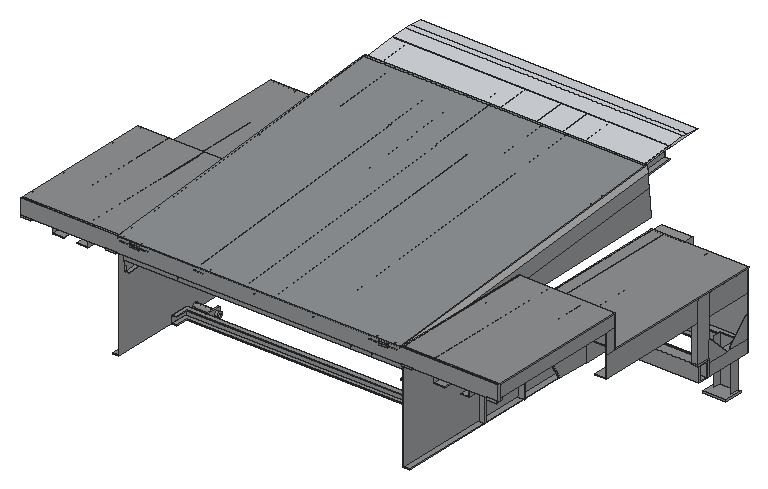
Revit family "ASSA_ABLOY_DockLeveler_DL6120STA", category Mechanical Equipment, Revit 2019 (continued)
Definition of nested family "DL6120STA_LevelerTop"
  Dimensions and locks
    locked: plane 23 to plane 25 at 245
    locked: plane 24 to plane 26 at 88.5
    locked: Extrusion 19 to plane 25 at 88.5
    locked: plane 27 to plane 22 at 88.5
    "UPNLengthLocation": Extrusion 20 sketch curve to Extrusion 5
    "UPNHeightLocation": curve 1 to Extrusion 20 sketch curve
    Extrusion 20 sketch curve to Extrusion 20 sketch curve = 120 mm
    Extrusion 20 sketch curve to Extrusion 20 sketch curve = 55 mm  (x2)
    Extrusion 20 sketch curve to Extrusion 20 sketch curve = 10 mm  (x3)
    plane 5 "L" to plane 29 "UPNL" = 21.5 mm
    plane 28 "UPNR" to plane 4 "R" = 21.5 mm
    "UPNLengthLocation": Sweep 21 sketch curve to Sweep 21 sketch curve
    locked: plane 30 "R1" to plane 3 "Center (Left/Right)" at 110
    "Rtwo": plane 31 "R2" to plane 3 "Center (Left/Right)"
    "RThree": plane 32 "R3" to plane 3 "Center (Left/Right)"
    locked: plane 28 "UPNR" to plane 33 "Rext" at 240
    locked: plane 34 "R6" to plane 3 "Center (Left/Right)" at 110
    "Rtwo": plane 35 "R7" to plane 3 "Center (Left/Right)"
    "RThree": plane 36 "R8" to plane 3 "Center (Left/Right)"
    locked: plane 29 "UPNL" to plane 37 "R9" at 240
    "UPNLengthLocation": Sweep 22 sketch curve to Sweep 22 sketch curve
    "RFour": plane 38 to plane 3 "Center (Left/Right)"
    "RFour": plane 39 to plane 3 "Center (Left/Right)"
    "LiftCylinderSupportLocation": Extrusion 5 to Extrusion 23 sketch curve
    "LiftCylinderSupportHeght": curve 1 to Extrusion 23 sketch curve
    plane 40 to plane 9 = 230 mm
    plane 11 to plane 41 = 230 mm
    "LiftCylinderSupportHeght": curve 1 to Extrusion 24 sketch curve
    "LiftCylinderSupportLocation": Extrusion 5 to Extrusion 24 sketch curve
    Sweep 25 sketch curve to Sweep 25 sketch curve = 200 mm  (x4)
    locked: plane 42 to plane 3 "Center (Left/Right)" at 130
    locked: plane 44 to plane 3 "Center (Left/Right)" at 130
    locked: plane 5 "L" to plane 45 at 212.5
    locked: plane 4 "R" to plane 43 at 212.5
    locked: Sweep 25 sketch curve to Sweep 25 sketch curve at 2.985  (x4)
    "StrengthenerLocation": Extrusion 5 to Sweep 25 sketch curve
    "StrengthenerLength": Sweep 25 sketch curve to Sweep 25 sketch curve
    "StrengthenerHeight": Sweep 25 sketch curve to curve 1
    Sweep 21 sketch curve to Sweep 21 sketch curve = 60 mm  (x8)
    "ReinforcementThickness": Sweep 21 sketch curve to Sweep 21 sketch curve  (x14)
    Sweep 21 sketch curve to Sweep 21 sketch curve = 2.61 mm
    Sweep 21 sketch curve to Sweep 21 sketch curve = 3 mm
    Sweep 22 sketch curve to Sweep 22 sketch curve = 60 mm  (x2)
    "ReinforcementThickness": Sweep 22 sketch curve to Sweep 22 sketch curve  (x4)
    locked: plane 4 "R" to plane 46 at 1
    locked: plane 47 to plane 5 "L" at 1
    locked: plane 48 to plane 5 "L" at 2
    locked: plane 4 "R" to plane 49 at 2
    locked: Extrusion 28 sketch curve to Extrusion 28 sketch curve at 129.568
    locked: Extrusion 28 sketch curve to Extrusion 28 sketch curve at 129
    Extrusion 28 sketch curve to Extrusion 28 sketch curve = 4 mm
    "Belvelment": Extrusion 28 sketch curve to Extrusion 28 sketch curve
    locked: Extrusion 28 sketch curve to Extrusion 28 sketch curve at 268
    locked: Extrusion 28 sketch curve to Extrusion 28 sketch curve at 13  (x2)
    locked: plane 50 "TearPlateLip500R" to plane 4 "R" at 17.5
    locked: plane 5 "L" to plane 51 "TearPlateLip500L" at 17.5
    "TearPlateThickness": curve 1 to Extrusion 29 sketch curve
    Extrusion 29 sketch curve to Extrusion 29 sketch curve = 250 mm
    Extrusion 29 sketch curve to Extrusion 29 sketch curve = 8 mm
    locked: Extrusion 30 sketch curve to Extrusion 30 sketch curve at 100  (x2)
    locked: Extrusion 30 sketch curve to Extrusion 30 sketch curve at 10  (x2)
    locked: plane 52 to plane 4 "R" at 77.5
    locked: plane 5 "L" to plane 53 at 77.5
    "LipSupportLength": Sweep 31 sketch curve to Sweep 31 sketch curve
    locked: Sweep 31 sketch curve to Extrusion 29 at 100
    Sweep 31 sketch curve to Sweep 31 sketch curve = 100 mm  (x4)
    equal spacing: Sweep 31 sketch curve, Sweep 31 sketch curve, Sweep 31 sketch curve, Sweep 31 sketch curve  (x6)
    Sweep 31 sketch curve to Sweep 31 sketch curve = 10 mm  (x4)
    Sweep 31 sketch curve to Sweep 31 sketch curve = 80 mm  (x2)
    Sweep 31 sketch curve to Sweep 31 sketch curve to Sweep 31 sketch curve to Sweep 31 sketch curve = 10 mm, 80 mm, 10 mm
    plane 50 "TearPlateLip500R" to plane 51 "TearPlateLip500L" = 1965 mm
    Sweep 31 sketch curve to plane 51 "TearPlateLip500L" = 10 mm  (x2)
    Sweep 31 sketch curve to plane 50 "TearPlateLip500R" = 10 mm  (x2)
    locked: Sweep 32 sketch curve to Sweep 32 sketch curve at 500
    locked: plane 54 to plane 3 "Center (Left/Right)" at 100
    locked: plane 3 "Center (Left/Right)" to plane 55 at 100
    "R2Lip": plane 56 "R2LIPR" to plane 3 "Center (Left/Right)"
    "R2Lip": plane 3 "Center (Left/Right)" to plane 57 "R2LIPL"
    "R3Lip": plane 58 "R3LIPR" to plane 3 "Center (Left/Right)"
    "R3Lip": plane 3 "Center (Left/Right)" to plane 59 "R3LIPL"
    "R4Lip": plane 60 "R4LIPR" to plane 3 "Center (Left/Right)"
    "R4Lip": plane 3 "Center (Left/Right)" to plane 61 "R4LIPL"
    Sweep 31 sketch curve to Sweep 31 sketch curve = 5 mm  (x8)
    equal spacing: Sweep 31 sketch curve, Sweep 31 sketch curve, Sweep 31 sketch curve  (x3)
    Sweep 31 sketch curve to Sweep 31 sketch curve to Sweep 31 sketch curve = 5 mm, 45 mm
    Sweep 31 sketch curve to Sweep 31 sketch curve to Sweep 31 sketch curve = 45 mm, 5 mm
    Sweep 31 sketch curve to Sweep 31 sketch curve to Sweep 31 sketch curve to Sweep 31 sketch curve = 5 mm, 90 mm, 5 mm  (x3)
    Sweep 31 sketch curve to Sweep 31 sketch curve = 90 mm
    Sweep 31 sketch curve to plane 56 "R2LIPR" to Sweep 31 sketch curve = 27.5 mm, 27.5 mm  (x2)
    Sweep 31 sketch curve to Sweep 31 sketch curve to Sweep 31 sketch curve = 5 mm, 90 mm  (x4)
    Sweep 31 sketch curve to Sweep 31 sketch curve to Sweep 31 sketch curve = 90 mm, 5 mm
    Sweep 31 sketch curve to plane 58 "R3LIPR" to Sweep 31 sketch curve = 27.5 mm, 27.5 mm  (x2)
    Sweep 31 sketch curve to plane 60 "R4LIPR" to Sweep 31 sketch curve = 27.5 mm, 27.5 mm  (x2)
    Sweep 31 sketch curve to plane 57 "R2LIPL" to Sweep 31 sketch curve = 27.5 mm, 27.5 mm  (x2)
    Sweep 31 sketch curve to plane 56 "R2LIPR" to Sweep 31 sketch curve = 2.5 mm, 2.5 mm
    Sweep 31 sketch curve to plane 58 "R3LIPR" to Sweep 31 sketch curve = 2.5 mm, 2.5 mm
    Sweep 31 sketch curve to plane 60 "R4LIPR" to Sweep 31 sketch curve = 2.5 mm, 2.5 mm
    Sweep 31 sketch curve to plane 57 "R2LIPL" to Sweep 31 sketch curve = 2.5 mm, 2.5 mm
    Sweep 31 sketch curve to plane 59 "R3LIPL" to Sweep 31 sketch curve = 2.5 mm, 2.5 mm
    Sweep 31 sketch curve to plane 61 "R4LIPL" to Sweep 31 sketch curve = 2.5 mm, 2.5 mm
    "LipRestPosition": Extrusion 28 sketch curve to Extrusion 5
    "LipRestPosition": Extrusion 30 sketch curve to Extrusion 5
    "StrengthenerLip500Position": Extrusion 5 to Sweep 31 sketch curve
    "IStrengthenerlip500Location": Extrusion 5 to Sweep 32 sketch curve
    locked: plane 62 to plane 1 "Center (Front/Back)" at 12
    "TaperedCutter": SweptBlend 33 sketch curve to SweptBlend 33 sketch curve
    locked: SweptBlend 33 sketch curve to plane 50 "TearPlateLip500R" at 10
    locked: plane 67 to plane 4 "R" at 127.5
    locked: plane 67 to plane 68 at 65
    locked: plane 5 "L" to plane 69 at 62.5
    locked: plane 69 to plane 70 at 65
    plane 23 to plane 77 = 88.5 mm
    locked: Sweep 31 sketch curve to plane 22 at 23.5  (x2)
    locked: plane 23 to Sweep 31 sketch curve at 23.5  (x2)
    SweptBlend 34 sketch curve to SweptBlend 34 sketch curve = 230 mm
    "LipTapperedCutter": SweptBlend 34 sketch curve to Extrusion 5
    "LipTapperedCutter": SweptBlend 33 sketch curve to Extrusion 5
    SweptBlend 33 sketch curve to SweptBlend 33 sketch curve = 230 mm
    locked: plane 51 "TearPlateLip500L" to plane 78 at 10
    "TaperedCutter": SweptBlend 34 sketch curve to SweptBlend 34 sketch curve
    locked: plane 70 to plane 79 at 10
    Sweep 32 sketch curve to Sweep 32 sketch curve = 8 mm  (x2)
    plane 67 to plane 80 = 10 mm
    "ToeGuardLength": Extrusion 35 sketch curve to Extrusion 35 sketch curve
    locked: Extrusion 35 sketch curve to Extrusion 35 sketch curve at 100
    "ToeGuardHeight": Extrusion 35 sketch curve to Extrusion 35 sketch curve
    "StrengthenerHeight": curve 1 to Extrusion 35 sketch curve
    plane 81 to plane 5 "L" = 6 mm
    "ToeGuardLength": Extrusion 36 sketch curve to Extrusion 36 sketch curve
    locked: Extrusion 36 sketch curve to Extrusion 36 sketch curve at 100
    "ToeGuardHeight": Extrusion 36 sketch curve to Extrusion 36 sketch curve
    "StrengthenerHeight": curve 1 to Extrusion 36 sketch curve
    plane 4 "R" to plane 82 = 6 mm
    "ToeGuardLength": Extrusion 37 sketch curve to Extrusion 37 sketch curve
    locked: Extrusion 37 sketch curve to Extrusion 37 sketch curve at 100
    "ToeGuardHeight": Extrusion 37 sketch curve to Extrusion 37 sketch curve
    locked: plane 1 "Center (Front/Back)" to Extrusion 37 sketch curve at 26
    locked: plane 2 "Ground" to Extrusion 37 sketch curve at 170
    "ToeGuardLength": Extrusion 38 sketch curve to Extrusion 38 sketch curve
    locked: Extrusion 38 sketch curve to Extrusion 38 sketch curve at 100
    "ToeGuardHeight": Extrusion 38 sketch curve to Extrusion 38 sketch curve
    locked: plane 1 "Center (Front/Back)" to Extrusion 38 sketch curve at 26
    locked: plane 2 "Ground" to Extrusion 38 sketch curve at 170
    "LipSeelLocation": Extrusion 29 sketch curve to Extrusion 5
    "TearPlateThicknessWanted": curve 1 to Sweep 39 sketch curve
    Sweep 39 sketch curve to Sweep 39 sketch curve = 8 mm
    Sweep 39 sketch curve to curve 2 = 26 mm
    "Plate1000Location": Extrusion 5 to Sweep 39 sketch curve
    locked: plane 3 "Center (Left/Right)" to plane 84 at 111.5
    locked: plane 83 to plane 3 "Center (Left/Right)" at 111.5
    "STwo": plane 3 "Center (Left/Right)" to plane 85
    "STwo": plane 86 to plane 3 "Center (Left/Right)"
    "SThree": plane 3 "Center (Left/Right)" to plane 87
    "SThree": plane 88 to plane 3 "Center (Left/Right)"
    locked: plane 89 to plane 50 "TearPlateLip500R" at 221
    plane 51 "TearPlateLip500L" to plane 90 = 221 mm
    plane 91 to plane 5 "L" = 6 mm
    "LipLL1000CutterHeight": Sweep 40 sketch curve to Sweep 40 sketch curve
    "SFour": plane 93 to plane 3 "Center (Left/Right)"
    "SFour": plane 3 "Center (Left/Right)" to plane 92
    Sweep 40 sketch curve to plane 93 to Sweep 40 sketch curve = 6.5 mm, 6.5 mm
    Sweep 40 sketch curve to plane 92 to Sweep 40 sketch curve = 6.5 mm, 6.5 mm
    "LipHeightLocation": Extrusion 6 to Extrusion 28 sketch curve
    cut or joined group of Extrusion 28, SweptBlend 33, SweptBlend 34, Sweep 40 to Extrusion 27 = 0 mm
    "DockHeight": plane 8 "top" to plane 94
    angle curve 2 to curve 1 = 90.00°
    "PlatformAngle": angle curve 1 to plane 2 "Ground"
    angle Extrusion 28 sketch curve to Extrusion 28 sketch curve = 175.00°  (x2)
    locked: Extrusion 35 sketch curve to Extrusion 35 sketch curve (angle 90.00°)  (x2)
    locked: Extrusion 36 sketch curve to Extrusion 36 sketch curve (angle 90.00°)  (x2)
    locked: Extrusion 37 sketch curve to Extrusion 37 sketch curve (angle 90.00°)  (x2)
    locked: Extrusion 38 sketch curve to Extrusion 38 sketch curve (angle 90.00°)  (x2)
    aligned and locked: level to plane 2 "Ground"
    aligned and locked: plane 8 "top" to curve 1
    aligned and locked: plane 6 "Back" to curve 1
    aligned and locked: Extrusion 1 sketch curve to curve 1
    aligned and locked: curve 1 to Extrusion 1 sketch curve
    aligned and locked: curve 1 to Extrusion 2 sketch curve
    aligned and locked: Extrusion 2 sketch curve to curve 1
    aligned and locked: Extrusion 1 to plane 5 "L"
    aligned and locked: plane 4 "R" to Extrusion 1
    aligned and locked: Extrusion 2 to plane 5 "L"
    aligned and locked: plane 4 "R" to Extrusion 2
    aligned and locked: plane 4 "R" to Extrusion 3
    aligned and locked: Extrusion 3 to plane 9
    aligned and locked: Extrusion 4 to plane 10
    aligned and locked: plane 4 "R" to Extrusion 4
    aligned and locked: Extrusion 5 to plane 5 "L"
    aligned and locked: plane 11 to Extrusion 5
    aligned and locked: plane 12 to Extrusion 6
    aligned and locked: Extrusion 6 to plane 5 "L"
    aligned and locked: Extrusion 5 to Extrusion 7 sketch curve
    aligned and locked: plane 9 to Extrusion 7
    aligned and locked: Extrusion 7 to plane 13
    aligned and locked: Extrusion 8 to plane 11
    aligned and locked: Extrusion 8 to plane 14
    aligned and locked: plane 9 to Extrusion 9
    aligned and locked: plane 13 to Extrusion 9
    aligned and locked: Extrusion 10 to plane 11
    aligned and locked: Extrusion 10 to plane 14
    aligned and locked: Extrusion 11 to Extrusion 12 sketch curve  (x2)
    aligned and locked: cut or joined group of Extrusion 11, Extrusion 12, Extrusion 14 to plane 13
    aligned and locked: Extrusion 12 to plane 17
    aligned and locked: Extrusion 12 to plane 16
    aligned and locked: Extrusion 14 sketch curve to Extrusion 13  (x2)
    aligned and locked: cut or joined group of Extrusion 13, Extrusion 14 to plane 14
    aligned and locked: cut or joined group of Extrusion 13, Extrusion 14 to plane 18
    aligned and locked: Extrusion 14 to plane 20
    aligned and locked: Extrusion 14 to plane 19
    aligned and locked: Extrusion 14 sketch curve to cut or joined group of Extrusion 13, Extrusion 14  (x2)
    aligned and locked: Extrusion 12 sketch curve to cut or joined group of Extrusion 13, Extrusion 14  (x2)
    aligned and locked: Extrusion 11 to plane 15
    aligned and locked: plane 22 to Extrusion 15
    aligned and locked: Extrusion 15 to plane 23
    aligned and locked: plane 22 to Extrusion 16
    aligned and locked: Extrusion 16 to plane 24
    aligned and locked: Extrusion 15 to Extrusion 17
    aligned and locked: plane 25 to Extrusion 17
    aligned and locked: Extrusion 18 to plane 26
    aligned and locked: plane 27 to Extrusion 18
    aligned and locked: Extrusion 5 to Extrusion 8 sketch curve
    aligned and locked: Extrusion 20 to plane 28 "UPNR"
    aligned and locked: plane 29 "UPNL" to Extrusion 20
    aligned and locked: Extrusion 5 to Sweep 21 sketch curve
    aligned and locked: Extrusion 5 to Sweep 22 sketch curve
    aligned and locked: plane 9 to Extrusion 23
    aligned and locked: Extrusion 23 to plane 40
    aligned and locked: Extrusion 24 to plane 11
    aligned and locked: Extrusion 24 to plane 41
    aligned and locked: Sweep 25 sketch curve to plane 43
    aligned and locked: plane 42 to Sweep 25 sketch curve
    aligned and locked: plane 45 to Sweep 25 sketch curve
    aligned and locked: Sweep 25 sketch curve to plane 44
    aligned and locked: Sweep 21 sketch curve to Sweep 25  (x7)
    aligned and locked: Extrusion 2 to Sweep 21 sketch curve  (x4)
    aligned and locked: plane 31 "R2" to Sweep 21 sketch curve
    aligned and locked: plane 32 "R3" to Sweep 21 sketch curve
    aligned and locked: plane 33 "Rext" to Sweep 21 sketch curve
    aligned and locked: Sweep 21 sketch curve to plane 34 "R6"
    aligned and locked: Sweep 21 sketch curve to plane 35 "R7"
    aligned and locked: Sweep 21 sketch curve to plane 36 "R8"
    aligned and locked: Sweep 21 sketch curve to plane 37 "R9"
    aligned and locked: Sweep 25 to Sweep 21 sketch curve  (x2)
    aligned and locked: Sweep 21 sketch curve to Extrusion 2  (x4)
    aligned and locked: Sweep 22 sketch curve to Sweep 25  (x2)
    aligned and locked: Sweep 22 sketch curve to plane 39
    aligned and locked: Sweep 22 sketch curve to Extrusion 2
    aligned and locked: Sweep 25 to Sweep 22 sketch curve
    aligned and locked: plane 38 to Sweep 22 sketch curve
    aligned and locked: Extrusion 2 to Sweep 22 sketch curve
    aligned and locked: Extrusion 26 sketch curve to Extrusion 5  (x2)
    aligned and locked: Extrusion 5 to Extrusion 26 sketch curve
    aligned and locked: Extrusion 26 to plane 4 "R"
    aligned and locked: plane 46 to Extrusion 26
    aligned and locked: plane 5 "L" to Extrusion 27
    aligned and locked: Extrusion 27 to plane 47
    aligned and locked: Extrusion 26 to plane 46
    aligned and locked: Extrusion 28 to plane 50 "TearPlateLip500R"
    aligned and locked: plane 51 "TearPlateLip500L" to Extrusion 28
    aligned and locked: plane 51 "TearPlateLip500L" to Extrusion 29
    aligned and locked: Extrusion 29 to plane 50 "TearPlateLip500R"
    aligned and locked: Extrusion 30 sketch curve to Extrusion 28
    aligned and locked: Extrusion 30 to plane 52
    aligned and locked: plane 53 to Extrusion 30
    aligned and locked: Extrusion 29 to Sweep 31 sketch curve  (x9)
    aligned and locked: Sweep 31 to Sweep 32 sketch curve  (x3)
    aligned and locked: Sweep 32 sketch curve to Sweep 31  (x2)
    aligned and locked: Sweep 31 sketch curve to Extrusion 29
    aligned and locked: Sweep 31 sketch curve to plane 54
    aligned and locked: Sweep 31 sketch curve to plane 55
    aligned and locked: SweptBlend 33 sketch curve to plane 50 "TearPlateLip500R"
    aligned and locked: SweptBlend 33 sketch curve to plane 22
    aligned and locked: SweptBlend 34 sketch curve to plane 23
    aligned and locked: SweptBlend 34 sketch curve to plane 51 "TearPlateLip500L"
    aligned and locked: Extrusion 19 to plane 77
    aligned and locked: SweptBlend 34 sketch curve to plane 78
    aligned and locked: Sweep 32 sketch curve to plane 79
    aligned and locked: Sweep 32 sketch curve to plane 80
    aligned and locked: Extrusion 35 sketch curve to Extrusion 5
    aligned and locked: plane 5 "L" to Extrusion 35
    aligned and locked: Extrusion 35 to plane 81
    aligned and locked: Extrusion 36 sketch curve to Extrusion 5
    aligned and locked: Extrusion 36 to plane 4 "R"
    aligned and locked: plane 82 to Extrusion 36
    aligned and locked: Extrusion 38 to plane 4 "R"
    aligned and locked: plane 82 to Extrusion 38
    aligned and locked: plane 51 "TearPlateLip500L" to Sweep 39 sketch curve
    aligned and locked: Sweep 39 sketch curve to plane 50 "TearPlateLip500R"
    aligned and locked: plane 5 "L" to Extrusion 37
    aligned and locked: Extrusion 37 to plane 91
    aligned and locked: Sweep 31 to Sweep 40 sketch curve
    aligned and locked: Sweep 40 sketch curve to Sweep 31
    aligned and locked: plane 51 "TearPlateLip500L" to Extrusion 41
    aligned and locked: Extrusion 41 to plane 50 "TearPlateLip500R"
  Automatic sketch dimensions
    plane 6 "Back" to Extrusion 16 sketch curve = 16.16 mm
    Extrusion 16 sketch curve to level = 19.478 mm
    plane 6 "Back" to Extrusion 17 sketch curve = 16.117 mm
    Extrusion 17 sketch curve to level = 19.478 mm
    plane 6 "Back" to Extrusion 18 sketch curve = 16.117 mm
    Extrusion 18 sketch curve to level = 19.478 mm
    plane 6 "Back" to Extrusion 19 sketch curve = 16.117 mm
    Extrusion 19 sketch curve to level = 19.478 mm
    Extrusion 26 sketch curve to curve 1 = 60 mm
    Extrusion 27 sketch curve to curve 1 = 10 mm
    curve 1 to Extrusion 27 sketch curve = 40 mm
    Extrusion 27 sketch curve to curve 1 = 26 mm
    curve 1 to Extrusion 27 sketch curve = 60 mm
    Sweep 25 sketch curve to profile plane = 0 mm  (x4)
    profile plane to SweptBlend 34 sketch curve = 749.945 mm
    SweptBlend 34 sketch curve to profile plane = 375.64 mm
    profile plane to SweptBlend 33 sketch curve = 762.989 mm
    SweptBlend 33 sketch curve to profile plane = 358.631 mm
    Extrusion 41 sketch curve to curve 1 = 28 mm
    curve 1 to Extrusion 41 sketch curve = 69 mm
    Extrusion 41 sketch curve to Extrusion 41 sketch curve = 4 mm  (x2)
    Extrusion 41 sketch curve to curve 1 = 0 mm
    curve 1 to Extrusion 41 sketch curve = 4 mm
    Extrusion 1 sketch curve to curve 1 = 0 mm
    Extrusion 2 sketch curve to curve 1 = 0 mm
    curve 1 to Extrusion 4 sketch curve = 40 mm
    Extrusion 4 sketch curve to curve 1 = 32 mm
    curve 1 to Extrusion 5 sketch curve = 40 mm
    curve 1 to Extrusion 6 sketch curve = 40 mm
    Extrusion 6 sketch curve to curve 1 = 32 mm
    curve 1 to Extrusion 8 sketch curve = 10 mm
    Sweep 21 sketch curve to plane 30 "R1" = 0 mm
    plane 33 "Rext" to Sweep 21 sketch curve = 2.61 mm
    Extrusion 23 sketch curve to Extrusion 23 sketch curve = 0 mm  (x2)
    Extrusion 24 sketch curve to Extrusion 24 sketch curve = 0 mm  (x2)
    Sweep 31 sketch curve to profile plane = 0 mm  (x3)
    Sweep 31 sketch curve to profile plane = 5 mm  (x4)
    Sweep 31 sketch curve to profile plane = 10 mm
    Sweep 31 sketch curve to Sweep 31 sketch curve = 0 mm  (x5)
    Sweep 31 sketch curve to Sweep 31 sketch curve = 5 mm
    Sweep 31 sketch curve to Sweep 31 sketch curve = 45 mm  (x4)
    Sweep 31 sketch curve to Sweep 31 sketch curve = 10 mm  (x2)
    Sweep 31 sketch curve to Sweep 31 sketch curve = 25 mm  (x8)
    curve 1 to SweptBlend 33 sketch curve = 8 mm
    plane 66 to SweptBlend 33 sketch curve = 335.49 mm
    SweptBlend 33 sketch curve to plane 65 = 328.404 mm
    curve 1 to SweptBlend 34 sketch curve = 6.75 mm
    plane 74 to SweptBlend 34 sketch curve = 319.248 mm
    SweptBlend 34 sketch curve to plane 73 = 313.647 mm
    Sweep 39 sketch curve to profile plane = 0 mm  (x9)
    Sweep 39 sketch curve to Sweep 39 sketch curve = 540 mm  (x2)
    plane 86 to Sweep 39 sketch curve = 6.5 mm
    Sweep 39 sketch curve to Sweep 39 sketch curve = 0 mm  (x7)
    plane 88 to Sweep 39 sketch curve = 6.5 mm
    plane 89 to Sweep 39 sketch curve = 6.5 mm
    plane 90 to Sweep 39 sketch curve = 6.5 mm
    Sweep 39 sketch curve to plane 90 = 6.5 mm
    Sweep 39 sketch curve to plane 88 = 6.5 mm
    Sweep 39 sketch curve to plane 86 = 6.5 mm
    Sweep 39 sketch curve to plane 83 = 6.5 mm
    plane 83 to Sweep 39 sketch curve = 6.5 mm
    Sweep 39 sketch curve to plane 84 = 6.5 mm
    plane 84 to Sweep 39 sketch curve = 6.5 mm
    Sweep 39 sketch curve to plane 85 = 6.5 mm
    plane 85 to Sweep 39 sketch curve = 6.5 mm
    Sweep 39 sketch curve to plane 87 = 6.5 mm
    plane 87 to Sweep 39 sketch curve = 6.5 mm
    Sweep 39 sketch curve to plane 89 = 6.5 mm
    profile plane to Sweep 40 sketch curve = 6.04 mm  (x2)
    Sweep 40 sketch curve to profile plane = 544.356 mm  (x2)
    radius of Extrusion 16 sketch curve = 12 mm
    radius of Extrusion 17 sketch curve = 12 mm
    radius of Extrusion 18 sketch curve = 21 mm
    radius of Extrusion 19 sketch curve = 21 mm
    radius of Extrusion 23 sketch curve = 22.5 mm
    radius of Extrusion 23 sketch curve = 17.5 mm
    radius of Extrusion 24 sketch curve = 22.5 mm
    radius of Extrusion 24 sketch curve = 17.5 mm
Types (3, lengths in mm): name | LipType
  DL6120STA_LipSteelLL500 | DL6120STA_LevelerTop : DL6120STA_LipSteelLL500
  DL6120STA_LipErgoSteelLL345 | DL6120STA_LevelerTop : DL6120STA_LipErgoSteelLL345
  DL6120STA_LipSteelLL1000 | DL6120STA_LevelerTop : DL6120STA_LipSteelLL1000
